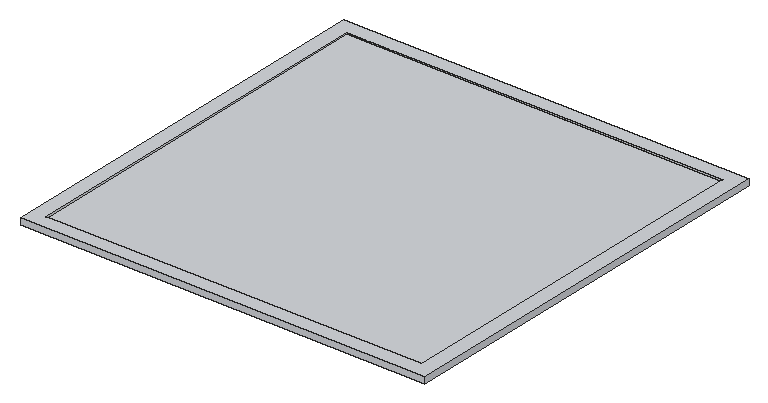
Revit family "0042213", category Lighting Fixtures, host Face, Revit 2017
Family settings
  Host = Face
  Round Connector Dimension = Use Diameter
  Part Type = Normal
  OmniClass Number = 23.80.70.00
  OmniClass Title = Lighting
  Cut with Voids When Loaded = No
  Light Source = Yes
  Shared = No
  Room Calculation Point = No
Parameters (values of type "0042213 ST PANEL UGR19 600X600 DALI 3800LM 830")
  Weight = "kg"
  Wattage Comments = ""
  Wattage = 36 W
  WarrantyStartDate [instance] = "n/a"
  WarrantyGuarantorParts = "n/a"
  WarrantyDurationUnit = "n/a"
  WarrantyDurationParts = "n/a"
  WarrantyDescription = "n/a"
  WIDTH_SYL = 297.5 mm
  built-in parameter 1150110 = 1 (stored number, unit not read)
  Voltage = 0 V
  URL = "http://www.sylvania-lighting.com"
  TypeName = "START Panel UGR19 600x600 DALI 3800Lm 830"
  Type Image = <None>
  Type Comments = "n/a"
  built-in parameter 1114217 = 1 (stored number, unit not read)
  Tilt Angle = -90.00°
  built-in parameter 1150109 = 1 (stored number, unit not read)
  built-in parameter 1150134 = (empty or 0)
  TOPWIDTH_SYL = 245 mm
  built-in parameter 1150113 = 1 (stored number, unit not read)
  SerialNumber [instance] = "n/a"
  Photometric Web File = "0042213.ies"
  Material_3_SYL = none
  PowerFactor = 0.9
  PowerConsumption = "36 W"
  NominalLength = 595 mm
  NominalHeight = 35 mm
  NominalDepth = 595 mm
  Name = "START Panel UGR19 600x600 DALI 3800Lm 830"
  ModelReference = Name  # "START Panel UGR19 600x600 DALI 3800Lm 830"
  ModelNumber = "0042213"
  Model = Name  # "START Panel UGR19 600x600 DALI 3800Lm 830"
  Material = "aluminium,steel housing, other diffuser"
  ManufacturerName = "Feilo Sylvania"
  Manufacturer = "Feilo Sylvania"
  MAINHEIGHT_SYL = 63 mm
  LuminousEfficacy = "106 lm/W"
  built-in parameter 1150105 = 303.67 (stored number, unit not read)
  Lumens = 3816 lm
  LuminaireType = ""
  built-in parameter 1150115 = 1 (stored number, unit not read)
  LightOutputRatio = "n/a"
  built-in parameter 1150137 = (empty or 0)
  built-in parameter 1150139 = (empty or 0)
  LampsType = Lamp  # "LED"
  LampNominalLuminous = "3800 lm"
  LampMacAdamStep = "3"
  LampColourTemperature = "3000 K"
  LampColourRenderingIndex = "80"
  built-in parameter 1150112 = 1 (stored number, unit not read)
  built-in parameter 1150114 = 1 (stored number, unit not read)
  Lamp = "LED"
  LUMWIDTH_SYL = 276.5 mm
  LUMDEPTH_SYL = 276.5 mm
  Keynote = "16500"
  InstallationDate [instance] = "n/a"
  InputVoltage = "n/a"
  InputNominalFrequency = "n/a"
  built-in parameter 1150132 = (empty or 0)
  built-in parameter 1150102 = (empty or 0)
  built-in parameter 1150107 = 3000 (stored number, unit not read)
  built-in parameter 1150138 = (empty or 0)
  IngressProtection = "IP40/20"
  ImpactProtectionIndex = "IK03"
  built-in parameter 1150106 = 3.0367 (stored number, unit not read)
  IfcExportType = "IfcLightFixtureType"
  IfcExportAs = "IfcLightFixtureType"
  HEIGHT_SYL = 33 mm
  HEIGHTBOTT_SYL = 7 mm
  Emit from Circle Diameter = 609.6 mm
  Emit Shape Visible in Rendering = no
  ElectricShockClassification = "Class II"
  built-in parameter 1150104 = 9.8477 (stored number, unit not read)
  DocumentationLiterature = "http://www.sylvania-lighting.com/product/en-int/products/0042213"
  DimmingControlOptions = "n/a"
  Material_2_SYL = none
  Dimming Lamp Color Temperature Shift = <None>
  Description = ""
  Default Elevation = 1219.2 mm
  DEPTH_SYL = 297.5 mm
  CreatedOn = "9/8/2020"
  CreatedBy = "@sylvania-lighting.com"
  Cost = 0
  Color Filter = 16777215
  built-in parameter 1114216 [instance] = (empty or 0)
  ClassificationValue = "EF_70_80"
  ClassificationName = "Uniclass2015"
  Material_1_SYL = none
  BarCode [instance] = "n/a"
  built-in parameter 1114218 = 1 (stored number, unit not read)
  BOX_WIDTH_SYL = 40 mm
  built-in parameter 1150133 = 10 (stored number, unit not read)
  AssetType = "Fixed"
  AssetIdentifier [instance] = "n/a"
  Assembly Code = "D5020200"
  Apparent Load = 36 VA
  Material_4_SYL = none
  -LUMDEPTH_SYL = LUMDEPTH_SYL * (-1)  # -276.5 mm
Types (15, lengths in mm): name | Wattage | TypeName | built-in parameter 1150134 | Photometric Web File | PowerConsumption | NominalHeight | Name | ModelReference | ModelNumber | Model | LuminousEfficacy | built-in parameter 1150105 | Lumens | LampNominalLuminous | LampMacAdamStep | LampColourTemperature | built-in parameter 1150107 | built-in parameter 1150106 | built-in parameter 1150104 | DocumentationLiterature | Apparent Load
  0042247 ST PANEL 600X600 HE DALI 4300LM 840 | 34 W | "START Panel 600x600 HE DALI 4300Lm 840" | 12 | "0042247.ies" | "34 W" | 34 | "START Panel 600x600 HE DALI 4300Lm 840" | "START Panel 600x600 HE DALI 4300Lm 840" | "0042247" | "START Panel 600x600 HE DALI 4300Lm 840" | "126 lm/W" | 340.91 (stored number, unit not read) | 4284 lm | "4300 lm" | "3" | "4000 K" | 4000 (stored number, unit not read) | 3.4091 (stored number, unit not read) | 11.706 (stored number, unit not read) | "http://www.sylvania-lighting.com/product/en-int/products/0042247" | 34 VA
  0042246 ST PANEL 600X600 HE DALI 4100LM 830 | 34 W | "START Panel 600x600 HE DALI 4100Lm 830" | (empty or 0) | "0042246.ies" | "34 W" | 34 | "START Panel 600x600 HE DALI 4100Lm 830" | "START Panel 600x600 HE DALI 4100Lm 830" | "0042246" | "START Panel 600x600 HE DALI 4100Lm 830" | "121 lm/W" | 327.38 (stored number, unit not read) | 4114 lm | "4100 lm" | "3" | "3000 K" | 3000 (stored number, unit not read) | 3.2738 (stored number, unit not read) | 11.241 (stored number, unit not read) | "http://www.sylvania-lighting.com/product/en-int/products/0042246" | 34 VA
  0042245 ST PANEL 600X600 DALI 4000LM 865 | 36 W | "START Panel 600x600 DALI 4000Lm 865" | 1 | "0042245.ies" | "36 W" | 34 | "START Panel 600x600 DALI 4000Lm 865" | "START Panel 600x600 DALI 4000Lm 865" | "0042245" | "START Panel 600x600 DALI 4000Lm 865" | "111 lm/W" | 317.99 (stored number, unit not read) | 3996 lm | "4000 lm" | "6" | "6500 K" | 6500 (stored number, unit not read) | 3.1799 (stored number, unit not read) | 10.312 (stored number, unit not read) | "http://www.sylvania-lighting.com/product/en-int/products/0042245" | 36 VA
  0042244 ST PANEL 600X600 DALI 4000LM 840 | 36 W | "START Panel 600x600 DALI 4000Lm 840" | 12 | "0042244.ies" | "36 W" | 34 | "START Panel 600x600 DALI 4000Lm 840" | "START Panel 600x600 DALI 4000Lm 840" | "0042244" | "START Panel 600x600 DALI 4000Lm 840" | "111 lm/W" | 317.99 (stored number, unit not read) | 3996 lm | "4000 lm" | "3" | "4000 K" | 4000 (stored number, unit not read) | 3.1799 (stored number, unit not read) | 10.312 (stored number, unit not read) | "http://www.sylvania-lighting.com/product/en-int/products/0042244" | 36 VA
  0042243 ST PANEL 600X600 DALI 3800LM 830 | 36 W | "START Panel 600x600 DALI 3800Lm 830" | (empty or 0) | "0042243.ies" | "36 W" | 34 | "START Panel 600x600 DALI 3800Lm 830" | "START Panel 600x600 DALI 3800Lm 830" | "0042243" | "START Panel 600x600 DALI 3800Lm 830" | "106 lm/W" | 303.67 (stored number, unit not read) | 3816 lm | "3800 lm" | "3" | "3000 K" | 3000 (stored number, unit not read) | 3.0367 (stored number, unit not read) | 9.8477 (stored number, unit not read) | "http://www.sylvania-lighting.com/product/en-int/products/0042243" | 36 VA
  0042218 ST PANEL UGR19 600X600 DALI 4800LM 865 | 43 W | "START Panel UGR19 600x600 DALI 4800Lm 865" | 1 | "0042218.ies" | "43 W" | 34 | "START Panel UGR19 600x600 DALI 4800Lm 865" | "START Panel UGR19 600x600 DALI 4800Lm 865" | "0042218" | "START Panel UGR19 600x600 DALI 4800Lm 865" | "112 lm/W" | 383.25 (stored number, unit not read) | 4816 lm | "4800 lm" | "6" | "6500 K" | 6500 (stored number, unit not read) | 3.8325 (stored number, unit not read) | 10.405 (stored number, unit not read) | "http://www.sylvania-lighting.com/product/en-int/products/0042218" | 43 VA
  0042217 ST PANEL UGR19 600X600 DALI 4800LM 840 | 43 W | "START Panel UGR19 600x600 DALI 4800Lm 840" | 12 | "0042217.ies" | "43 W" | 34 | "START Panel UGR19 600x600 DALI 4800Lm 840" | "START Panel UGR19 600x600 DALI 4800Lm 840" | "0042217" | "START Panel UGR19 600x600 DALI 4800Lm 840" | "112 lm/W" | 383.25 (stored number, unit not read) | 4816 lm | "4800 lm" | "3" | "4000 K" | 4000 (stored number, unit not read) | 3.8325 (stored number, unit not read) | 10.405 (stored number, unit not read) | "http://www.sylvania-lighting.com/product/en-int/products/0042217" | 43 VA
  0042216 ST PANEL UGR19 600X600 DALI 4600LM 830 | 43 W | "START Panel UGR19 600x600 DALI 4600Lm 830" | (empty or 0) | "0042216.ies" | "43 W" | 34 | "START Panel UGR19 600x600 DALI 4600Lm 830" | "START Panel UGR19 600x600 DALI 4600Lm 830" | "0042216" | "START Panel UGR19 600x600 DALI 4600Lm 830" | "107 lm/W" | 366.14 (stored number, unit not read) | 4601 lm | "4600 lm" | "3" | "3000 K" | 3000 (stored number, unit not read) | 3.6614 (stored number, unit not read) | 9.9406 (stored number, unit not read) | "http://www.sylvania-lighting.com/product/en-int/products/0042216" | 43 VA
  0042215 ST PANEL UGR19 600X600 DALI 4000LM 865 | 36 W | "START Panel UGR19 600x600 DALI 4000Lm 865" | 1 | "0042215.ies" | "36 W" | 35 | "START Panel UGR19 600x600 DALI 4000Lm 865" | "START Panel UGR19 600x600 DALI 4000Lm 865" | "0042215" | "START Panel UGR19 600x600 DALI 4000Lm 865" | "111 lm/W" | 317.99 (stored number, unit not read) | 3996 lm | "4000 lm" | "6" | "6500 K" | 6500 (stored number, unit not read) | 3.1799 (stored number, unit not read) | 10.312 (stored number, unit not read) | "http://www.sylvania-lighting.com/product/en-int/products/0042215" | 36 VA
  0042214 ST PANEL UGR19 600X600 DALI 4000LM 840 | 36 W | "START Panel UGR19 600x600 DALI 4000Lm 840" | 12 | "0042214.ies" | "36 W" | 35 | "START Panel UGR19 600x600 DALI 4000Lm 840" | "START Panel UGR19 600x600 DALI 4000Lm 840" | "0042214" | "START Panel UGR19 600x600 DALI 4000Lm 840" | "111 lm/W" | 317.99 (stored number, unit not read) | 3996 lm | "4000 lm" | "3" | "4000 K" | 4000 (stored number, unit not read) | 3.1799 (stored number, unit not read) | 10.312 (stored number, unit not read) | "http://www.sylvania-lighting.com/product/en-int/products/0042214" | 36 VA
  0042213 ST PANEL UGR19 600X600 DALI 3800LM 830 | 36 W | "START Panel UGR19 600x600 DALI 3800Lm 830" | (empty or 0) | "0042213.ies" | "36 W" | 35 | "START Panel UGR19 600x600 DALI 3800Lm 830" | "START Panel UGR19 600x600 DALI 3800Lm 830" | "0042213" | "START Panel UGR19 600x600 DALI 3800Lm 830" | "106 lm/W" | 303.67 (stored number, unit not read) | 3816 lm | "3800 lm" | "3" | "3000 K" | 3000 (stored number, unit not read) | 3.0367 (stored number, unit not read) | 9.8477 (stored number, unit not read) | "http://www.sylvania-lighting.com/product/en-int/products/0042213" | 36 VA
  0042212 ST PANEL UGR19 600X600 DALI 3600LM 865 | 36 W | "START Panel UGR19 600x600 DALI 3600Lm 865" | 1 | "0042212.ies" | "36 W" | 35 | "START Panel UGR19 600x600 DALI 3600Lm 865" | "START Panel UGR19 600x600 DALI 3600Lm 865" | "0042212" | "START Panel UGR19 600x600 DALI 3600Lm 865" | "100 lm/W" | 286.48 (stored number, unit not read) | 3600 lm | "3600 lm" | "6" | "6500 K" | 6500 (stored number, unit not read) | 2.8648 (stored number, unit not read) | 9.2903 (stored number, unit not read) | "http://www.sylvania-lighting.com/product/en-int/products/0042212" | 36 VA
  0042211 ST PANEL UGR19 600X600 DALI 3600LM 840 | 36 W | "START Panel UGR19 600x600 DALI 3600Lm 840" | 12 | "0042211.ies" | "36 W" | 35 | "START Panel UGR19 600x600 DALI 3600Lm 840" | "START Panel UGR19 600x600 DALI 3600Lm 840" | "0042211" | "START Panel UGR19 600x600 DALI 3600Lm 840" | "100 lm/W" | 286.48 (stored number, unit not read) | 3600 lm | "3600 lm" | "3" | "4000 K" | 4000 (stored number, unit not read) | 2.8648 (stored number, unit not read) | 9.2903 (stored number, unit not read) | "http://www.sylvania-lighting.com/product/en-int/products/0042211" | 36 VA
  0042210 ST PANEL UGR19 600X600 DALI 3400LM 830 | 36 W | "START Panel UGR19 600x600 DALI 3400Lm 830" | (empty or 0) | "0042210.ies" | "36 W" | 35 | "START Panel UGR19 600x600 DALI 3400Lm 830" | "START Panel UGR19 600x600 DALI 3400Lm 830" | "0042210" | "START Panel UGR19 600x600 DALI 3400Lm 830" | "94 lm/W" | 269.29 (stored number, unit not read) | 3384 lm | "3400 lm" | "3" | "3000 K" | 3000 (stored number, unit not read) | 2.6929 (stored number, unit not read) | 8.7329 (stored number, unit not read) | "http://www.sylvania-lighting.com/product/en-int/products/0042210" | 36 VA
  0042248 ST PANEL 600X600 HE DALI 4300LM 865 | 34 W | "START Panel 600x600 HE DALI 4300Lm 865" | 1 | "0042248.ies" | "34 W" | 34 | "START Panel 600x600 HE DALI 4300Lm 865" | "START Panel 600x600 HE DALI 4300Lm 865" | "0042248" | "START Panel 600x600 HE DALI 4300Lm 865" | "126 lm/W" | 340.91 (stored number, unit not read) | 4284 lm | "4300 lm" | "6" | "6500 K" | 6500 (stored number, unit not read) | 3.4091 (stored number, unit not read) | 11.706 (stored number, unit not read) | "http://www.sylvania-lighting.com/product/en-int/products/0042248" | 34 VA
Reference planes
  plane 1 "Center (Front/Back)": y = 0
  plane 2: z = 0
  plane 3 "Center (Left/Right)": x = 0
  plane 4: x = -297.5
  plane 5: x = 297.5
  plane 6: y = 297.5
  plane 7: y = -297.5
  plane 8: x = 276.5
  plane 9: x = -276.5
  plane 10: y = 276.5
  plane 11: y = -276.5
  plane 12: z = -33
  plane 13: z = -7
  plane 14: x = -245
  plane 15: x = 245
  plane 16: y = -245
  plane 17: y = 245
  plane 18: y = 276.5
  plane 19: y = -276.5
  plane 20: z = -63
  plane 21: x = -40
  plane 22: x = 40
Forms (mm)
  Extrusion 1, solid
    sketch origin (0, 0, 0) x (1, 0, 0) y (0, 1, 0)
      loop
        line (-297.5, 297.5) -> (-297.5, -297.5) -> (297.5, -297.5) -> (297.5, 297.5) -> (-297.5, 297.5)
    from -7 to 2
  Extrusion 2, void
    sketch origin (0, 0, 0) x (1, 0, 0) y (0, 1, 0)
      loop
        line (-276.5, 276.5) -> (-276.5, -276.5) -> (276.5, -276.5) -> (276.5, 276.5) -> (-276.5, 276.5)
    from 0 to 10
  Extrusion 3, solid
    sketch origin (0, 0, 0) x (1, 0, 0) y (0, 0, 1)
      loop
        line (-276.5, -7) -> (-245, -33) -> (245, -33) -> (276.5, -7) -> (-276.5, -7)
    from -276.5 <- "-LUMDEPTH_SYL" to 276.5 <- "LUMDEPTH_SYL"
  Extrusion 4, void
    sketch origin (319, 1524, 1219.2) x (0, 1, 0) y (0, 0, 1)
      loop
        line (-1279, -1252.2) -> (-1247.5, -1252.2) -> (-1247.5, -1226.2) -> (-1279, -1252.2)
      loop
        line (-1800.5, -1226.2) -> (-1800.5, -1252.2) -> (-1769, -1252.2) -> (-1800.5, -1226.2)
    from -1000 to 1000
  Extrusion 5, solid
    sketch origin (0, 0, 0) x (1, 0, 0) y (0, 0, 1)
      loop
        line (-40, -33) -> (-40, -63) -> (40, -63) -> (40, -33) -> (-40, -33)
    from -40 to 40
Cuts and joins
  Extrusion 2 cuts Extrusion 1
  Extrusion 4 cuts Extrusion 3
Dimensions and locks
  "WIDTH_SYL": plane 4 to plane 3 "Center (Left/Right)" to plane 5
  "DEPTH_SYL": plane 7 to plane 1 "Center (Front/Back)" to plane 6
  "LUMWIDTH_SYL": plane 9 to plane 3 "Center (Left/Right)" to plane 8
  "LUMDEPTH_SYL": plane 11 to plane 1 "Center (Front/Back)" to plane 10
  "HEIGHT_SYL": host face to plane 12
  "HEIGHTBOTT_SYL": host face to plane 13
  "TOPWIDTH_SYL": plane 14 to imposter light to plane 15
  "TOPWIDTH_SYL": plane 17 to imposter light to plane 16
  "LUMWIDTH_SYL": plane 18 to imposter light to plane 19
  "MAINHEIGHT_SYL": host face to plane 20
  "BOX_WIDTH_SYL": plane 21 to imposter light to plane 22
  Extrusion 5 sketch curve to Extrusion 5 sketch curve to plane 13 = 30 mm, 26 mm
  aligned and locked: plane 2 to host face
  aligned and locked: level to host face
  aligned and locked: plane 6 to Extrusion 1 sketch curve
  aligned and locked: plane 4 to Extrusion 1 sketch curve
  aligned and locked: Extrusion 1 sketch curve to plane 7
  aligned and locked: Extrusion 1 sketch curve to plane 5
  aligned and locked: plane 10 to Extrusion 2 sketch curve
  aligned and locked: Extrusion 2 sketch curve to plane 9
  aligned and locked: Extrusion 2 sketch curve to plane 11
  aligned and locked: plane 8 to Extrusion 2 sketch curve
  aligned and locked: Extrusion 5 sketch curve to plane 21
  aligned and locked: plane 22 to Extrusion 5 sketch curve
Automatic sketch dimensions
  host sketch curve to host sketch curve = 2438.4 mm  (x2)
  plane 9 to Extrusion 3 sketch curve = 0 mm
  Extrusion 3 sketch curve to plane 12 = 0 mm
  plane 14 to Extrusion 3 sketch curve = 0 mm
  plane 15 to Extrusion 3 sketch curve = 0 mm
  plane 8 to Extrusion 3 sketch curve = 0 mm
  Extrusion 3 sketch curve to plane 13 = 0 mm
  Extrusion 4 sketch curve to plane 11 = 0 mm
  plane 12 to Extrusion 4 sketch curve = 0 mm  (x2)
  Extrusion 4 sketch curve to plane 16 = 0 mm
  Extrusion 4 sketch curve to plane 17 = 0 mm
  Extrusion 4 sketch curve to plane 10 = 0 mm
  plane 13 to Extrusion 4 sketch curve = 0 mm  (x2)
